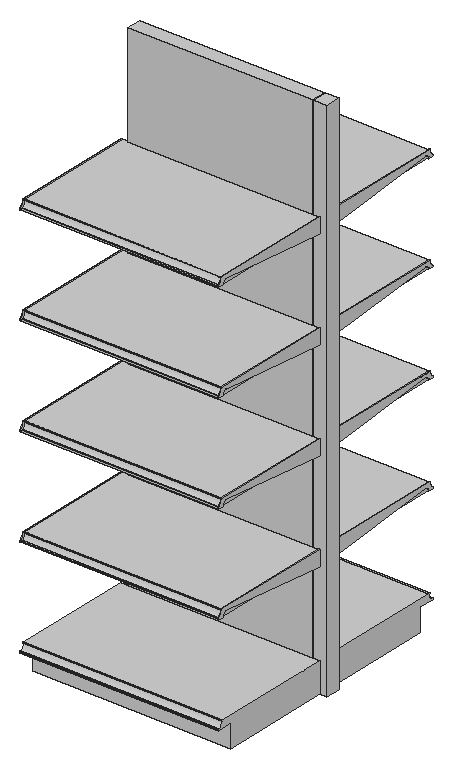
Revit family "ML2", category Specialty Equipment, Revit 2012
Parameters (values of type "Maxi Line Add-On (Default)")
  Width = 3' - 0"
  URL = "http://www.madixinc.com/display/maxiline/core.html"
  Model = "Maxi Line"
  Manufacturer = "© 2012 Madix, Inc. All rights reserved."
  "Front" Base Shelf [instance] = yes
  "Front" Shelf 2' [instance] = yes
  "Front" Shelf 3' - 6" [instance] = yes
  "Front" Shelf 5' [instance] = yes
  "Front" Shelf 6' - 6" [instance] = yes
  "Back" Base Shelf [instance] = yes
  "Back" Shelf 2' [instance] = yes
  "Back" Shelf 3' - 6" [instance] = yes
  "Front" Shelf Depth = 1' - 10"
  "Back" Shelf 5' [instance] = yes
  "Back" Shelf Depth = 1' - 10"
  Upright Height = 8' - 0"
  "Back" Shelf 6' - 6" [instance] = yes
Reference planes (in)
  plane 1 "Center (Front/Back)": y = 0
  plane 2: z = 0
  plane 3 "Center (Left/Right)": x = 0
  plane 4: y = 1.375
  plane 5: y = -1.375
  plane 6: z = 96
  plane 7: z = 0
  plane 8 "1st shelf": z = 23.5
  plane 9 "2nd shelf": z = 41.5
  plane 10 "3rd shelf": z = 59.5
  plane 11 "4th shelf": z = 77.5
  plane 12: y = -24.25
  plane 13: x = -18
  plane 14: x = 18
  plane 15: x = -17.875
  plane 16: x = 17.875
  plane 17: z = 41.5
  plane 18: y = 24.25
  plane 19: y = 23.375
  plane 20: y = -23.375
Forms (in)
  Extrusion 1, solid, material "Metal - Steel"
    sketch origin (-24, 1.375, 0) x (1, 0, 0) y (0, 0, 1)
      loop
        line (42, 0) -> (43.25, 0) -> (43.25, 96) -> (40.75, 96) -> (40.75, 0.03125) -> (40.71924, 0.03125) -> (40.71924, 96) -> (7.25, 96) -> (7.25, 0) -> (42, 0)
    from 0 to 2.75
  Extrusion 2, solid, material "Metal - Steel", visible <- ""Front" Base Shelf"
    sketch origin (0, 0, 0) x (0, 1, 0) y (0, 0, 1)
      loop
        line (-1.375, 0) -> (-1.375, 5.5) -> (-23.375, 5.5) -> (-23.50139, 5.5) -> (-23.50139, 5.375) -> (-23.375, 5.375)
        arc (-23.375, 5.375) -> (-23.63696, 4.73714) -> (-24.125, 4.25) r 1.75
        line (-24.125, 4.25) -> (-24.125, 4.375) -> (-24.25, 4.375) -> (-24.25, 4.25) -> (-24.25, 4.125) -> (-21.375, 4.125) -> (-21.375, 0) -> (-1.375, 0)
    from -18 to 18
  Extrusion 3, solid, material "Metal - Steel", visible <- ""Front" Shelf 2'"
    sketch origin (0, 0, 0) x (0, 1, 0) y (0, 0, 1)
      loop
        line (-1.375, 23.5) -> (-23.5, 23.5) -> (-23.625, 23.5)
        arc (-23.625, 23.5) -> (-23.83033, 22.87796) -> (-24.25, 22.375) r 1.75
        line (-24.25, 22.375) -> (-24.25, 22.125) -> (-23.375, 22.125) -> (-23.375, 22.375) -> (-22.625, 23) -> (-22.375, 23) -> (-22.375, 22.875) -> (-1.375, 20.75) -> (-1.375, 23.5)
      loop
        circle (-20.375, 23) r 0.125
      loop
        circle (-2.5, 23) r 0.125
    from -18 to -17.875
  Extrusion 4, solid, material "Metal - Steel", visible <- ""Front" Shelf 2'"
    sketch origin (0, 0, 0) x (0, 1, 0) y (0, 0, 1)
      loop
        line (-23.5, 23.5) -> (-23.5, 23.375) -> (-23.375, 23.375)
        arc (-23.375, 23.375) -> (-23.58033, 22.75296) -> (-24, 22.25) r 1.75
        line (-24, 22.25) -> (-24, 22.375) -> (-24.125, 22.375) -> (-24.125, 22.125) -> (-23.375, 22.125) -> (-1.375, 22.125) -> (-1.375, 23.5) -> (-23.5, 23.5)
    from -17.875 to 17.875
  Extrusion 5, solid, material "Metal - Steel", visible <- ""Front" Shelf 2'"
    sketch origin (0, 0, 0) x (0, 1, 0) y (0, 0, -1)
      loop
        line (-1.375, -23.5) -> (-1.375, -20.75) -> (-22.375, -22.875) -> (-22.375, -23) -> (-22.625, -23) -> (-23.375, -22.375) -> (-23.375, -22.125) -> (-24.25, -22.125) -> (-24.25, -22.375)
        arc (-24.25, -22.375) -> (-23.83033, -22.87796) -> (-23.625, -23.5) r 1.75
        line (-23.625, -23.5) -> (-23.5, -23.5) -> (-1.375, -23.5)
      loop
        circle (-20.375, -23) r 0.125
      loop
        circle (-2.5, -23) r 0.125
    from -18 to -17.875
  Extrusion 6, solid, material "Metal - Steel", visible <- ""Front" Shelf 3' - 6""
    sketch origin (0, 0, 18) x (0, 1, 0) y (0, 0, 1)
      loop
        line (-1.375, 23.5) -> (-23.5, 23.5) -> (-23.625, 23.5)
        arc (-23.625, 23.5) -> (-23.83033, 22.87796) -> (-24.25, 22.375) r 1.75
        line (-24.25, 22.375) -> (-24.25, 22.125) -> (-23.375, 22.125) -> (-23.375, 22.375) -> (-22.625, 23) -> (-22.375, 23) -> (-22.375, 22.875) -> (-1.375, 20.75) -> (-1.375, 23.5)
      loop
        circle (-20.375, 23) r 0.125
      loop
        circle (-2.5, 23) r 0.125
    from -18 to -17.875
  Extrusion 7, solid, material "Metal - Steel", visible <- ""Front" Shelf 3' - 6""
    sketch origin (0, 0, 18) x (0, 1, 0) y (0, 0, 1)
      loop
        line (-23.5, 23.5) -> (-23.5, 23.375) -> (-23.375, 23.375)
        arc (-23.375, 23.375) -> (-23.58033, 22.75296) -> (-24, 22.25) r 1.75
        line (-24, 22.25) -> (-24, 22.375) -> (-24.25, 22.375) -> (-24.25, 22.125) -> (-23.375, 22.125) -> (-1.375, 22.125) -> (-1.375, 23.5) -> (-23.5, 23.5)
    from -17.875 to 17.875
  Extrusion 8, solid, material "Metal - Steel", visible <- ""Front" Shelf 3' - 6""
    sketch origin (0, 0, 18) x (0, 1, 0) y (0, 0, -1)
      loop
        line (-1.375, -23.5) -> (-1.375, -20.75) -> (-22.375, -22.875) -> (-22.375, -23) -> (-22.625, -23) -> (-23.375, -22.375) -> (-23.375, -22.125) -> (-24.25, -22.125) -> (-24.25, -22.375)
        arc (-24.25, -22.375) -> (-23.83033, -22.87796) -> (-23.625, -23.5) r 1.75
        line (-23.625, -23.5) -> (-23.5, -23.5) -> (-1.375, -23.5)
      loop
        circle (-20.375, -23) r 0.125
      loop
        circle (-2.5, -23) r 0.125
    from -18 to -17.875
  Extrusion 9, solid, material "Metal - Steel", visible <- ""Front" Shelf 5'"
    sketch origin (0, 0, 36) x (0, 1, 0) y (0, 0, 1)
      loop
        line (-1.375, 23.5) -> (-23.5, 23.5) -> (-23.625, 23.5)
        arc (-23.625, 23.5) -> (-23.83033, 22.87796) -> (-24.25, 22.375) r 1.75
        line (-24.25, 22.375) -> (-24.25, 22.125) -> (-23.375, 22.125) -> (-23.375, 22.375) -> (-22.625, 23) -> (-22.375, 23) -> (-22.375, 22.875) -> (-1.375, 20.75) -> (-1.375, 23.5)
      loop
        circle (-20.375, 23) r 0.125
      loop
        circle (-2.5, 23) r 0.125
    from -18 to -17.875
  Extrusion 10, solid, material "Metal - Steel", visible <- ""Front" Shelf 5'"
    sketch origin (0, 0, 36) x (0, 1, 0) y (0, 0, 1)
      loop
        line (-23.5, 23.5) -> (-23.5, 23.375) -> (-23.375, 23.375)
        arc (-23.375, 23.375) -> (-23.58033, 22.75296) -> (-24, 22.25) r 1.75
        line (-24, 22.25) -> (-24, 22.375) -> (-24.25, 22.375) -> (-24.25, 22.125) -> (-23.375, 22.125) -> (-1.375, 22.125) -> (-1.375, 23.5) -> (-23.5, 23.5)
    from -17.875 to 17.875
  Extrusion 11, solid, material "Metal - Steel", visible <- ""Front" Shelf 5'"
    sketch origin (0, 0, 36) x (0, 1, 0) y (0, 0, -1)
      loop
        line (-1.375, -23.5) -> (-1.375, -20.75) -> (-22.375, -22.875) -> (-22.375, -23) -> (-22.625, -23) -> (-23.375, -22.375) -> (-23.375, -22.125) -> (-24.25, -22.125) -> (-24.25, -22.375)
        arc (-24.25, -22.375) -> (-23.83033, -22.87796) -> (-23.625, -23.5) r 1.75
        line (-23.625, -23.5) -> (-23.5, -23.5) -> (-1.375, -23.5)
      loop
        circle (-20.375, -23) r 0.125
      loop
        circle (-2.5, -23) r 0.125
    from -18 to -17.875
  Extrusion 12, solid, material "Metal - Steel", visible <- ""Front" Shelf 6' - 6""
    sketch origin (0, 0, 54) x (0, 1, 0) y (0, 0, 1)
      loop
        line (-1.375, 23.5) -> (-23.5, 23.5) -> (-23.625, 23.5)
        arc (-23.625, 23.5) -> (-23.83033, 22.87796) -> (-24.25, 22.375) r 1.75
        line (-24.25, 22.375) -> (-24.25, 22.125) -> (-23.375, 22.125) -> (-23.375, 22.375) -> (-22.625, 23) -> (-22.375, 23) -> (-22.375, 22.875) -> (-1.375, 20.75) -> (-1.375, 23.5)
      loop
        circle (-20.375, 23) r 0.125
      loop
        circle (-2.5, 23) r 0.125
    from -18 to -17.875
  Extrusion 13, solid, material "Metal - Steel", visible <- ""Front" Shelf 6' - 6""
    sketch origin (0, 0, 54) x (0, 1, 0) y (0, 0, 1)
      loop
        line (-23.5, 23.5) -> (-23.5, 23.375) -> (-23.375, 23.375)
        arc (-23.375, 23.375) -> (-23.58033, 22.75296) -> (-24, 22.25) r 1.75
        line (-24, 22.25) -> (-24, 22.375) -> (-24.25, 22.375) -> (-24.25, 22.125) -> (-23.375, 22.125) -> (-1.375, 22.125) -> (-1.375, 23.5) -> (-23.5, 23.5)
    from -17.875 to 17.875
  Extrusion 14, solid, material "Metal - Steel", visible <- ""Front" Shelf 6' - 6""
    sketch origin (0, 0, 54) x (0, 1, 0) y (0, 0, -1)
      loop
        line (-1.375, -23.5) -> (-1.375, -20.75) -> (-22.375, -22.875) -> (-22.375, -23) -> (-22.625, -23) -> (-23.375, -22.375) -> (-23.375, -22.125) -> (-24.25, -22.125) -> (-24.25, -22.375)
        arc (-24.25, -22.375) -> (-23.83033, -22.87796) -> (-23.625, -23.5) r 1.75
        line (-23.625, -23.5) -> (-23.5, -23.5) -> (-1.375, -23.5)
      loop
        circle (-20.375, -23) r 0.125
      loop
        circle (-2.5, -23) r 0.125
    from -18 to -17.875
  Extrusion 15, solid, material "Metal - Steel", visible <- ""Back" Base Shelf"
    sketch origin (0, 0, 0) x (0, -1, 0) y (0, 0, -1)
      loop
        line (-1.375, 0) -> (-21.375, 0) -> (-21.375, -4.125) -> (-24.25, -4.125) -> (-24.25, -4.25) -> (-24.25, -4.375) -> (-24.125, -4.375) -> (-24.125, -4.25)
        arc (-24.125, -4.25) -> (-23.63696, -4.73714) -> (-23.375, -5.375) r 1.75
        line (-23.375, -5.375) -> (-23.50139, -5.375) -> (-23.50139, -5.5) -> (-23.375, -5.5) -> (-1.375, -5.5) -> (-1.375, 0)
    from -18 to 18
  Extrusion 16, solid, material "Metal - Steel", visible <- ""Back" Shelf 2'"
    sketch origin (0, 0, 0) x (0, -1, 0) y (0, 0, -1)
      loop
        line (-1.375, -23.5) -> (-1.375, -20.75) -> (-22.375, -22.875) -> (-22.375, -23) -> (-22.625, -23) -> (-23.375, -22.375) -> (-23.375, -22.125) -> (-24.25, -22.125) -> (-24.25, -22.375)
        arc (-24.25, -22.375) -> (-23.83033, -22.87796) -> (-23.625, -23.5) r 1.75
        line (-23.625, -23.5) -> (-23.5, -23.5) -> (-1.375, -23.5)
      loop
        circle (-20.375, -23) r 0.125
      loop
        circle (-2.5, -23) r 0.125
    from -18 to -17.875
  Extrusion 17, solid, material "Metal - Steel", visible <- ""Back" Shelf 2'"
    sketch origin (0, 0, 0) x (0, -1, 0) y (0, 0, -1)
      loop
        line (-23.5, -23.5) -> (-1.375, -23.5) -> (-1.375, -22.125) -> (-23.375, -22.125) -> (-24.125, -22.125) -> (-24.125, -22.375) -> (-24, -22.375) -> (-24, -22.25)
        arc (-24, -22.25) -> (-23.58033, -22.75296) -> (-23.375, -23.375) r 1.75
        line (-23.375, -23.375) -> (-23.5, -23.375) -> (-23.5, -23.5)
    from -17.875 to 17.875
  Extrusion 18, solid, material "Metal - Steel", visible <- ""Back" Shelf 2'"
    sketch origin (0, 0, 0) x (0, -1, 0) y (0, 0, 1)
      loop
        line (-1.375, 23.5) -> (-23.5, 23.5) -> (-23.625, 23.5)
        arc (-23.625, 23.5) -> (-23.83033, 22.87796) -> (-24.25, 22.375) r 1.75
        line (-24.25, 22.375) -> (-24.25, 22.125) -> (-23.375, 22.125) -> (-23.375, 22.375) -> (-22.625, 23) -> (-22.375, 23) -> (-22.375, 22.875) -> (-1.375, 20.75) -> (-1.375, 23.5)
      loop
        circle (-20.375, 23) r 0.125
      loop
        circle (-2.5, 23) r 0.125
    from -18 to -17.875
  Extrusion 19, solid, material "Metal - Steel", visible <- ""Back" Shelf 3' - 6""
    sketch origin (0, 0, 18) x (0, -1, 0) y (0, 0, -1)
      loop
        line (-1.375, -23.5) -> (-1.375, -20.75) -> (-22.375, -22.875) -> (-22.375, -23) -> (-22.625, -23) -> (-23.375, -22.375) -> (-23.375, -22.125) -> (-24.25, -22.125) -> (-24.25, -22.375)
        arc (-24.25, -22.375) -> (-23.83033, -22.87796) -> (-23.625, -23.5) r 1.75
        line (-23.625, -23.5) -> (-23.5, -23.5) -> (-1.375, -23.5)
      loop
        circle (-20.375, -23) r 0.125
      loop
        circle (-2.5, -23) r 0.125
    from -18 to -17.875
  Extrusion 20, solid, material "Metal - Steel", visible <- ""Back" Shelf 3' - 6""
    sketch origin (0, 0, 18) x (0, -1, 0) y (0, 0, -1)
      loop
        line (-23.5, -23.5) -> (-1.375, -23.5) -> (-1.375, -22.125) -> (-23.375, -22.125) -> (-24.25, -22.125) -> (-24.25, -22.375) -> (-24, -22.375) -> (-24, -22.25)
        arc (-24, -22.25) -> (-23.58033, -22.75296) -> (-23.375, -23.375) r 1.75
        line (-23.375, -23.375) -> (-23.5, -23.375) -> (-23.5, -23.5)
    from -17.875 to 17.875
  Extrusion 21, solid, material "Metal - Steel", visible <- ""Back" Shelf 3' - 6""
    sketch origin (0, 0, 18) x (0, -1, 0) y (0, 0, 1)
      loop
        line (-1.375, 23.5) -> (-23.5, 23.5) -> (-23.625, 23.5)
        arc (-23.625, 23.5) -> (-23.83033, 22.87796) -> (-24.25, 22.375) r 1.75
        line (-24.25, 22.375) -> (-24.25, 22.125) -> (-23.375, 22.125) -> (-23.375, 22.375) -> (-22.625, 23) -> (-22.375, 23) -> (-22.375, 22.875) -> (-1.375, 20.75) -> (-1.375, 23.5)
      loop
        circle (-20.375, 23) r 0.125
      loop
        circle (-2.5, 23) r 0.125
    from -18 to -17.875
  Extrusion 22, solid, material "Metal - Steel", visible <- ""Back" Shelf 5'"
    sketch origin (0, 0, 36) x (0, -1, 0) y (0, 0, -1)
      loop
        line (-1.375, -23.5) -> (-1.375, -20.75) -> (-22.375, -22.875) -> (-22.375, -23) -> (-22.625, -23) -> (-23.375, -22.375) -> (-23.375, -22.125) -> (-24.25, -22.125) -> (-24.25, -22.375)
        arc (-24.25, -22.375) -> (-23.83033, -22.87796) -> (-23.625, -23.5) r 1.75
        line (-23.625, -23.5) -> (-23.5, -23.5) -> (-1.375, -23.5)
      loop
        circle (-20.375, -23) r 0.125
      loop
        circle (-2.5, -23) r 0.125
    from -18 to -17.875
  Extrusion 23, solid, material "Metal - Steel", visible <- ""Back" Shelf 5'"
    sketch origin (0, 0, 36) x (0, -1, 0) y (0, 0, -1)
      loop
        line (-23.5, -23.5) -> (-1.375, -23.5) -> (-1.375, -22.125) -> (-23.375, -22.125) -> (-24.25, -22.125) -> (-24.25, -22.375) -> (-24, -22.375) -> (-24, -22.25)
        arc (-24, -22.25) -> (-23.58033, -22.75296) -> (-23.375, -23.375) r 1.75
        line (-23.375, -23.375) -> (-23.5, -23.375) -> (-23.5, -23.5)
    from -17.875 to 17.875
  Extrusion 24, solid, material "Metal - Steel", visible <- ""Back" Shelf 5'"
    sketch origin (0, 0, 36) x (0, -1, 0) y (0, 0, 1)
      loop
        line (-1.375, 23.5) -> (-23.5, 23.5) -> (-23.625, 23.5)
        arc (-23.625, 23.5) -> (-23.83033, 22.87796) -> (-24.25, 22.375) r 1.75
        line (-24.25, 22.375) -> (-24.25, 22.125) -> (-23.375, 22.125) -> (-23.375, 22.375) -> (-22.625, 23) -> (-22.375, 23) -> (-22.375, 22.875) -> (-1.375, 20.75) -> (-1.375, 23.5)
      loop
        circle (-20.375, 23) r 0.125
      loop
        circle (-2.5, 23) r 0.125
    from -18 to -17.875
  Extrusion 25, solid, material "Metal - Steel", visible <- ""Back" Shelf 6' - 6""
    sketch origin (0, 0, 54) x (0, -1, 0) y (0, 0, -1)
      loop
        line (-1.375, -23.5) -> (-1.375, -20.75) -> (-22.375, -22.875) -> (-22.375, -23) -> (-22.625, -23) -> (-23.375, -22.375) -> (-23.375, -22.125) -> (-24.25, -22.125) -> (-24.25, -22.375)
        arc (-24.25, -22.375) -> (-23.83033, -22.87796) -> (-23.625, -23.5) r 1.75
        line (-23.625, -23.5) -> (-23.5, -23.5) -> (-1.375, -23.5)
      loop
        circle (-20.375, -23) r 0.125
      loop
        circle (-2.5, -23) r 0.125
    from -18 to -17.875
  Extrusion 26, solid, material "Metal - Steel", visible <- ""Back" Shelf 6' - 6""
    sketch origin (0, 0, 54) x (0, -1, 0) y (0, 0, -1)
      loop
        line (-23.5, -23.5) -> (-1.375, -23.5) -> (-1.375, -22.125) -> (-23.375, -22.125) -> (-24.25, -22.125) -> (-24.25, -22.375) -> (-24, -22.375) -> (-24, -22.25)
        arc (-24, -22.25) -> (-23.58033, -22.75296) -> (-23.375, -23.375) r 1.75
        line (-23.375, -23.375) -> (-23.5, -23.375) -> (-23.5, -23.5)
    from -17.875 to 17.875
  Extrusion 27, solid, material "Metal - Steel", visible <- ""Back" Shelf 6' - 6""
    sketch origin (0, 0, 54) x (0, -1, 0) y (0, 0, 1)
      loop
        line (-1.375, 23.5) -> (-23.5, 23.5) -> (-23.625, 23.5)
        arc (-23.625, 23.5) -> (-23.83033, 22.87796) -> (-24.25, 22.375) r 1.75
        line (-24.25, 22.375) -> (-24.25, 22.125) -> (-23.375, 22.125) -> (-23.375, 22.375) -> (-22.625, 23) -> (-22.375, 23) -> (-22.375, 22.875) -> (-1.375, 20.75) -> (-1.375, 23.5)
      loop
        circle (-20.375, 23) r 0.125
      loop
        circle (-2.5, 23) r 0.125
    from -18 to -17.875
Lines and regions (in)
  Split face 1
    outline origin (-24, -1.375, 0) x (1, 0, 0) y (0, 0, 1)
      loop
        line (40.71924, 96) -> (40.71924, 0.03125) -> (7.25, 0.03125) -> (7.25, 96)
  Split face 2
    outline origin (-24, 1.375, 0) x (1, 0, 0) y (0, 0, 1)
      loop
        line (40.71924, 96) -> (40.71924, 0.03125) -> (7.25, 0.03125) -> (7.25, 96)
  reference lines
    curve 1: line (-16.75, 0, 23.5) -> (16.71875, 0, 23.5)
    curve 2: line (-16.75, 0, 59.5) -> (16.71875, 0, 59.5)
    curve 3: line (16.71875, 0, 77.5) -> (-16.71875, 0, 77.5)
Dimensions and locks (in)
  "Upright Height": plane 6 to level
  ""Front" Shelf Depth": plane 20 to plane 5
  equal spacing: plane 13, plane 3 "Center (Left/Right)", plane 14
  "Width": plane 13 to plane 14
  locked: plane 13 to plane 15 at 0.125
  locked: plane 16 to plane 14 at 0.125
  ""Back" Shelf Depth": plane 4 to plane 19
  locked: plane 19 to plane 18 at 0.875
  locked: plane 20 to plane 12 at 0.875
  aligned and locked: level to plane 2
  aligned and locked: plane 12 to Extrusion 2
  aligned and locked: Extrusion 2 to plane 5
  aligned and locked: plane 13 to Extrusion 2
  aligned and locked: plane 14 to Extrusion 2
  aligned and locked: Extrusion 4 to Extrusion 5
  aligned and locked: Extrusion 3 to Extrusion 2
  aligned and locked: Extrusion 3 to plane 15
  aligned and locked: Extrusion 4 to Extrusion 3
  aligned and locked: Extrusion 5 to Extrusion 2
  aligned and locked: plane 16 to Extrusion 5
  aligned and locked: Extrusion 7 to Extrusion 8
  aligned and locked: Extrusion 7 to Extrusion 6
  aligned and locked: Extrusion 6 to Extrusion 3
  aligned and locked: Extrusion 8 to Extrusion 4
  aligned and locked: Extrusion 8 to Extrusion 2
  aligned and locked: Extrusion 2 to Extrusion 7
  aligned and locked: Extrusion 6 to plane 15
  aligned and locked: Extrusion 6 to Extrusion 2
  aligned and locked: Extrusion 10 to Extrusion 11
  aligned and locked: Extrusion 10 to Extrusion 9
  aligned and locked: Extrusion 9 to Extrusion 3
  aligned and locked: Extrusion 2 to Extrusion 10
  aligned and locked: Extrusion 11 to Extrusion 2
  aligned and locked: Extrusion 11 to Extrusion 4
  aligned and locked: Extrusion 9 to Extrusion 2
  aligned and locked: Extrusion 13 to Extrusion 14
  aligned and locked: Extrusion 13 to Extrusion 12
  aligned and locked: Extrusion 12 to Extrusion 2
  aligned and locked: Extrusion 12 to Extrusion 3
  aligned and locked: Extrusion 2 to Extrusion 13
  aligned and locked: Extrusion 14 to Extrusion 2
  aligned and locked: Extrusion 14 to Extrusion 4
  aligned and locked: Extrusion 15 to Extrusion 2
  aligned and locked: Extrusion 2 to Extrusion 15
  aligned and locked: plane 13 to Extrusion 15
  aligned and locked: Extrusion 18 to Extrusion 17
  aligned and locked: Extrusion 16 to Extrusion 17
  aligned and locked: Extrusion 15 to plane 18
  aligned and locked: plane 15 to Extrusion 16
  aligned and locked: Extrusion 18 to Extrusion 4
  aligned and locked: Extrusion 16 to Extrusion 2
  aligned and locked: Extrusion 21 to Extrusion 20
  aligned and locked: Extrusion 19 to Extrusion 20
  aligned and locked: Extrusion 15 to Extrusion 20
  aligned and locked: plane 15 to Extrusion 19
  aligned and locked: plane 13 to Extrusion 19
  aligned and locked: Extrusion 21 to plane 14
  aligned and locked: Extrusion 21 to plane 16
  aligned and locked: Extrusion 24 to Extrusion 23
  aligned and locked: Extrusion 22 to Extrusion 23
  aligned and locked: Extrusion 15 to Extrusion 23
  aligned and locked: Extrusion 24 to plane 16
  aligned and locked: Extrusion 24 to plane 14
  aligned and locked: plane 15 to Extrusion 22
  aligned and locked: plane 13 to Extrusion 22
  aligned and locked: Extrusion 27 to Extrusion 26
  aligned and locked: Extrusion 25 to Extrusion 26
  aligned and locked: Extrusion 15 to Extrusion 26
  aligned and locked: plane 13 to Extrusion 25
  aligned and locked: plane 15 to Extrusion 25
  aligned and locked: Extrusion 27 to plane 14
  aligned and locked: Extrusion 27 to plane 16
  aligned and locked: plane 19 to Extrusion 15
  aligned and locked: plane 20 to Extrusion 2
Automatic sketch dimensions
  curve 2 to plane 10 "3rd shelf" = 0' - 0"
  curve 1 to plane 8 "1st shelf" = 0' - 0"
  curve 3 to plane 11 "4th shelf" = 0' - 0"
  plane 15 to curve 2 = 0' - 1 1/8"
  plane 15 to curve 1 = 0' - 1 1/8"
  plane 15 to curve 3 = 0' - 1 5/32"
  plane 16 to curve 3 = 0' - 1 5/32"
  plane 16 to curve 2 = 0' - 1 5/32"
  plane 16 to curve 1 = 0' - 1 5/32"
  Extrusion 2 sketch curve to plane 12 = 0' - 0"
  Extrusion 2 sketch curve to level = 0' - 0"
  Extrusion 2 sketch curve to plane 5 = 0' - 0"
  Extrusion 2 sketch curve to plane 12 = 0' - 0.84305"
  plane 12 to Extrusion 2 sketch curve = 0' - 0 1/8"
  plane 12 to Extrusion 2 sketch curve = 0' - 0.74861"
  Extrusion 2 sketch curve to Extrusion 2 sketch curve = 0' - 0.12639"
  Extrusion 2 sketch curve to Extrusion 2 sketch curve = 0' - 0"
  plane 12 to Extrusion 2 sketch curve = 0' - 2 7/8"
  level to Extrusion 2 sketch curve = 0' - 4 1/8"
  Extrusion 2 sketch curve to Extrusion 2 sketch curve = 0' - 0 1/8"  (x4)
  Extrusion 2 sketch curve to Extrusion 2 sketch curve = 0' - 1"
  Extrusion 3 sketch curve to plane 12 = 0' - 0"
  Extrusion 3 sketch curve to plane 8 "1st shelf" = 0' - 0"
  Extrusion 3 sketch curve to plane 5 = 0' - 0"
  plane 8 "1st shelf" to Extrusion 3 sketch curve = 0' - 0.22784"
  Extrusion 3 sketch curve to plane 12 = 0' - 1.11011"
  plane 12 to Extrusion 3 sketch curve = 0' - 0 5/8"
  Extrusion 3 sketch curve to Extrusion 3 sketch curve = 0' - 0 1/8"  (x2)
  plane 12 to Extrusion 3 sketch curve = 0' - 0 7/8"
  Extrusion 3 sketch curve to Extrusion 3 sketch curve = 0' - 0 3/4"
  Extrusion 3 sketch curve to Extrusion 3 sketch curve = 0' - 0 1/4"  (x2)
  Extrusion 3 sketch curve to plane 8 "1st shelf" = 0' - 0 1/2"  (x2)
  Extrusion 3 sketch curve to Extrusion 3 sketch curve = 0' - 2"
  plane 5 to Extrusion 3 sketch curve = 0' - 1 1/8"
  Extrusion 3 sketch curve to Extrusion 3 sketch curve = 0' - 0"
  Extrusion 3 sketch curve to Extrusion 3 sketch curve = 0' - 2 1/4"
  Extrusion 3 sketch curve to plane 8 "1st shelf" = 0' - 0 5/8"
  Extrusion 4 sketch curve to plane 8 "1st shelf" = 0' - 0"
  Extrusion 4 sketch curve to plane 5 = 0' - 0"
  plane 12 to Extrusion 4 sketch curve = 0' - 0 7/8"  (x2)
  Extrusion 4 sketch curve to plane 8 "1st shelf" = 0' - 0 1/8"
  Extrusion 4 sketch curve to Extrusion 4 sketch curve = 0' - 0 1/8"  (x3)
  plane 12 to Extrusion 4 sketch curve = 0' - 0 1/4"
  plane 12 to Extrusion 4 sketch curve = 0' - 0 1/8"
  plane 8 "1st shelf" to Extrusion 4 sketch curve = 0' - 0.10284"
  Extrusion 4 sketch curve to plane 12 = 0' - 0.86011"
  Extrusion 5 sketch curve to plane 12 = 0' - 0"
  Extrusion 5 sketch curve to plane 8 "1st shelf" = 0' - 0"
  Extrusion 5 sketch curve to plane 5 = 0' - 0"
  plane 8 "1st shelf" to Extrusion 5 sketch curve = 0' - 0.22784"
  Extrusion 5 sketch curve to plane 12 = 0' - 1.11011"
  plane 12 to Extrusion 5 sketch curve = 0' - 0 5/8"
  Extrusion 5 sketch curve to Extrusion 5 sketch curve = 0' - 0 1/8"  (x2)
  plane 12 to Extrusion 5 sketch curve = 0' - 0 7/8"
  Extrusion 5 sketch curve to Extrusion 5 sketch curve = 0' - 0 3/4"
  Extrusion 5 sketch curve to Extrusion 5 sketch curve = 0' - 0 1/4"  (x2)
  Extrusion 5 sketch curve to plane 8 "1st shelf" = 0' - 0 1/2"  (x3)
  Extrusion 5 sketch curve to Extrusion 5 sketch curve = 0' - 2"
  plane 5 to Extrusion 5 sketch curve = 0' - 1 1/8"
  Extrusion 5 sketch curve to Extrusion 5 sketch curve = 0' - 0"
  Extrusion 5 sketch curve to Extrusion 5 sketch curve = 0' - 2 1/4"
  Extrusion 6 sketch curve to plane 12 = 0' - 0"
  Extrusion 6 sketch curve to plane 9 "2nd shelf" = 0' - 0"
  Extrusion 6 sketch curve to plane 5 = 0' - 0"
  plane 9 "2nd shelf" to Extrusion 6 sketch curve = 0' - 0.22784"
  Extrusion 6 sketch curve to plane 12 = 0' - 1.11011"
  plane 12 to Extrusion 6 sketch curve = 0' - 0 5/8"
  Extrusion 6 sketch curve to Extrusion 6 sketch curve = 0' - 0 1/8"  (x2)
  plane 12 to Extrusion 6 sketch curve = 0' - 0 7/8"
  Extrusion 6 sketch curve to Extrusion 6 sketch curve = 0' - 0 3/4"
  Extrusion 6 sketch curve to Extrusion 6 sketch curve = 0' - 0 1/4"  (x2)
  Extrusion 6 sketch curve to plane 9 "2nd shelf" = 0' - 0 1/2"  (x2)
  Extrusion 6 sketch curve to Extrusion 6 sketch curve = 0' - 2"
  plane 5 to Extrusion 6 sketch curve = 0' - 1 1/8"
  Extrusion 6 sketch curve to Extrusion 6 sketch curve = 0' - 0"
  Extrusion 6 sketch curve to Extrusion 6 sketch curve = 0' - 2 1/4"
  Extrusion 6 sketch curve to plane 9 "2nd shelf" = 0' - 0 5/8"
  Extrusion 7 sketch curve to plane 12 = 0' - 0"
  Extrusion 7 sketch curve to plane 9 "2nd shelf" = 0' - 0"
  Extrusion 7 sketch curve to plane 5 = 0' - 0"
  plane 9 "2nd shelf" to Extrusion 7 sketch curve = 0' - 0.10284"
  Extrusion 7 sketch curve to plane 12 = 0' - 0.86011"
  plane 12 to Extrusion 7 sketch curve = 0' - 0 1/4"
  plane 12 to Extrusion 7 sketch curve = 0' - 0 3/4"
  Extrusion 7 sketch curve to Extrusion 7 sketch curve = 0' - 0 5/8"
  Extrusion 7 sketch curve to Extrusion 7 sketch curve = 0' - 0 1/8"  (x2)
  Extrusion 7 sketch curve to plane 9 "2nd shelf" = 0' - 0 1/8"
  Extrusion 7 sketch curve to Extrusion 7 sketch curve = 0' - 0 1/4"
  Extrusion 8 sketch curve to plane 12 = 0' - 0"
  Extrusion 8 sketch curve to plane 9 "2nd shelf" = 0' - 0"
  Extrusion 8 sketch curve to plane 5 = 0' - 0"
  plane 9 "2nd shelf" to Extrusion 8 sketch curve = 0' - 0.22784"
  Extrusion 8 sketch curve to plane 12 = 0' - 1.11011"
  plane 12 to Extrusion 8 sketch curve = 0' - 0 5/8"
  Extrusion 8 sketch curve to Extrusion 8 sketch curve = 0' - 0 1/8"  (x2)
  plane 12 to Extrusion 8 sketch curve = 0' - 0 7/8"
  Extrusion 8 sketch curve to Extrusion 8 sketch curve = 0' - 0 3/4"
  Extrusion 8 sketch curve to Extrusion 8 sketch curve = 0' - 0 1/4"  (x2)
  Extrusion 8 sketch curve to plane 9 "2nd shelf" = 0' - 0 1/2"  (x3)
  Extrusion 8 sketch curve to Extrusion 8 sketch curve = 0' - 2"
  plane 5 to Extrusion 8 sketch curve = 0' - 1 1/8"
  Extrusion 8 sketch curve to Extrusion 8 sketch curve = 0' - 0"
  Extrusion 8 sketch curve to Extrusion 8 sketch curve = 0' - 2 1/4"
  Extrusion 9 sketch curve to plane 12 = 0' - 0"
  Extrusion 9 sketch curve to plane 10 "3rd shelf" = 0' - 0"
  Extrusion 9 sketch curve to plane 5 = 0' - 0"
  plane 10 "3rd shelf" to Extrusion 9 sketch curve = 0' - 0.22784"
  Extrusion 9 sketch curve to plane 12 = 0' - 1.11011"
  plane 12 to Extrusion 9 sketch curve = 0' - 0 5/8"
  Extrusion 9 sketch curve to Extrusion 9 sketch curve = 0' - 0 1/8"  (x2)
  plane 12 to Extrusion 9 sketch curve = 0' - 0 7/8"
  Extrusion 9 sketch curve to Extrusion 9 sketch curve = 0' - 0 3/4"
  Extrusion 9 sketch curve to Extrusion 9 sketch curve = 0' - 0 1/4"  (x2)
  Extrusion 9 sketch curve to plane 10 "3rd shelf" = 0' - 0 1/2"  (x2)
  Extrusion 9 sketch curve to Extrusion 9 sketch curve = 0' - 2"
  plane 5 to Extrusion 9 sketch curve = 0' - 1 1/8"
  Extrusion 9 sketch curve to Extrusion 9 sketch curve = 0' - 0"
  Extrusion 9 sketch curve to Extrusion 9 sketch curve = 0' - 2 1/4"
  Extrusion 9 sketch curve to plane 10 "3rd shelf" = 0' - 0 5/8"
  Extrusion 10 sketch curve to plane 12 = 0' - 0"
  Extrusion 10 sketch curve to plane 10 "3rd shelf" = 0' - 0"
  Extrusion 10 sketch curve to plane 5 = 0' - 0"
  plane 10 "3rd shelf" to Extrusion 10 sketch curve = 0' - 0.10284"
  Extrusion 10 sketch curve to plane 12 = 0' - 0.86011"
  plane 12 to Extrusion 10 sketch curve = 0' - 0 1/4"
  plane 12 to Extrusion 10 sketch curve = 0' - 0 3/4"
  Extrusion 10 sketch curve to Extrusion 10 sketch curve = 0' - 0 5/8"
  Extrusion 10 sketch curve to Extrusion 10 sketch curve = 0' - 0 1/8"  (x2)
  Extrusion 10 sketch curve to plane 10 "3rd shelf" = 0' - 0 1/8"
  Extrusion 10 sketch curve to Extrusion 10 sketch curve = 0' - 0 1/4"
  Extrusion 11 sketch curve to plane 12 = 0' - 0"
  Extrusion 11 sketch curve to plane 10 "3rd shelf" = 0' - 0"
  Extrusion 11 sketch curve to plane 5 = 0' - 0"
  plane 10 "3rd shelf" to Extrusion 11 sketch curve = 0' - 0.22784"
  Extrusion 11 sketch curve to plane 12 = 0' - 1.11011"
  plane 12 to Extrusion 11 sketch curve = 0' - 0 5/8"
  Extrusion 11 sketch curve to Extrusion 11 sketch curve = 0' - 0 1/8"  (x2)
  plane 12 to Extrusion 11 sketch curve = 0' - 0 7/8"
  Extrusion 11 sketch curve to Extrusion 11 sketch curve = 0' - 0 3/4"
  Extrusion 11 sketch curve to Extrusion 11 sketch curve = 0' - 0 1/4"  (x2)
  Extrusion 11 sketch curve to plane 10 "3rd shelf" = 0' - 0 1/2"  (x3)
  Extrusion 11 sketch curve to Extrusion 11 sketch curve = 0' - 2"
  plane 5 to Extrusion 11 sketch curve = 0' - 1 1/8"
  Extrusion 11 sketch curve to Extrusion 11 sketch curve = 0' - 0"
  Extrusion 11 sketch curve to Extrusion 11 sketch curve = 0' - 2 1/4"
  Extrusion 12 sketch curve to plane 12 = 0' - 0"
  Extrusion 12 sketch curve to plane 11 "4th shelf" = 0' - 0"
  Extrusion 12 sketch curve to plane 5 = 0' - 0"
  plane 11 "4th shelf" to Extrusion 12 sketch curve = 0' - 0.22784"
  Extrusion 12 sketch curve to plane 12 = 0' - 1.11011"
  plane 12 to Extrusion 12 sketch curve = 0' - 0 5/8"
  Extrusion 12 sketch curve to Extrusion 12 sketch curve = 0' - 0 1/8"  (x2)
  plane 12 to Extrusion 12 sketch curve = 0' - 0 7/8"
  Extrusion 12 sketch curve to Extrusion 12 sketch curve = 0' - 0 3/4"
  Extrusion 12 sketch curve to Extrusion 12 sketch curve = 0' - 0 1/4"  (x2)
  Extrusion 12 sketch curve to plane 11 "4th shelf" = 0' - 0 1/2"  (x2)
  Extrusion 12 sketch curve to Extrusion 12 sketch curve = 0' - 2"
  plane 5 to Extrusion 12 sketch curve = 0' - 1 1/8"
  Extrusion 12 sketch curve to Extrusion 12 sketch curve = 0' - 0"
  Extrusion 12 sketch curve to Extrusion 12 sketch curve = 0' - 2 1/4"
  Extrusion 12 sketch curve to plane 11 "4th shelf" = 0' - 0 5/8"
  Extrusion 13 sketch curve to plane 12 = 0' - 0"
  Extrusion 13 sketch curve to plane 11 "4th shelf" = 0' - 0"
  Extrusion 13 sketch curve to plane 5 = 0' - 0"
  plane 11 "4th shelf" to Extrusion 13 sketch curve = 0' - 0.10284"
  Extrusion 13 sketch curve to plane 12 = 0' - 0.86011"
  plane 12 to Extrusion 13 sketch curve = 0' - 0 1/4"
  plane 12 to Extrusion 13 sketch curve = 0' - 0 3/4"
  Extrusion 13 sketch curve to Extrusion 13 sketch curve = 0' - 0 5/8"
  Extrusion 13 sketch curve to Extrusion 13 sketch curve = 0' - 0 1/8"  (x2)
  Extrusion 13 sketch curve to plane 11 "4th shelf" = 0' - 0 1/8"
  Extrusion 13 sketch curve to Extrusion 13 sketch curve = 0' - 0 1/4"
  Extrusion 14 sketch curve to plane 12 = 0' - 0"
  Extrusion 14 sketch curve to plane 11 "4th shelf" = 0' - 0"
  Extrusion 14 sketch curve to plane 5 = 0' - 0"
  plane 11 "4th shelf" to Extrusion 14 sketch curve = 0' - 0.22784"
  Extrusion 14 sketch curve to plane 12 = 0' - 1.11011"
  plane 12 to Extrusion 14 sketch curve = 0' - 0 5/8"
  Extrusion 14 sketch curve to Extrusion 14 sketch curve = 0' - 0 1/8"  (x2)
  plane 12 to Extrusion 14 sketch curve = 0' - 0 7/8"
  Extrusion 14 sketch curve to Extrusion 14 sketch curve = 0' - 0 3/4"
  Extrusion 14 sketch curve to Extrusion 14 sketch curve = 0' - 0 1/4"  (x2)
  Extrusion 14 sketch curve to plane 11 "4th shelf" = 0' - 0 1/2"  (x3)
  Extrusion 14 sketch curve to Extrusion 14 sketch curve = 0' - 2"
  plane 5 to Extrusion 14 sketch curve = 0' - 1 1/8"
  Extrusion 14 sketch curve to Extrusion 14 sketch curve = 0' - 0"
  Extrusion 14 sketch curve to Extrusion 14 sketch curve = 0' - 2 1/4"
  Extrusion 15 sketch curve to plane 18 = 0' - 0"
  Extrusion 15 sketch curve to level = 0' - 0"
  Extrusion 15 sketch curve to plane 4 = 0' - 0"
  plane 18 to Extrusion 15 sketch curve = 0' - 0.84305"
  Extrusion 15 sketch curve to plane 18 = 0' - 0 1/8"
  Extrusion 15 sketch curve to plane 18 = 0' - 0.74861"
  Extrusion 15 sketch curve to Extrusion 15 sketch curve = 0' - 0.12639"
  Extrusion 15 sketch curve to Extrusion 15 sketch curve = 0' - 0"  (x2)
  Extrusion 15 sketch curve to plane 18 = 0' - 2 7/8"
  Extrusion 15 sketch curve to level = 0' - 4 1/8"
  Extrusion 15 sketch curve to Extrusion 15 sketch curve = 0' - 0 1/8"  (x3)
  Extrusion 15 sketch curve to Extrusion 15 sketch curve = 0' - 1"
  Extrusion 16 sketch curve to plane 18 = 0' - 0"
  Extrusion 16 sketch curve to plane 8 "1st shelf" = 0' - 0"
  Extrusion 16 sketch curve to plane 4 = 0' - 0"
  Extrusion 16 sketch curve to plane 8 "1st shelf" = 0' - 0.22784"
  plane 18 to Extrusion 16 sketch curve = 0' - 1.11011"
  Extrusion 16 sketch curve to plane 18 = 0' - 0 5/8"
  Extrusion 16 sketch curve to Extrusion 16 sketch curve = 0' - 0 1/8"  (x2)
  Extrusion 16 sketch curve to Extrusion 16 sketch curve = 0' - 0 7/8"
  Extrusion 16 sketch curve to Extrusion 16 sketch curve = 0' - 0 3/4"
  Extrusion 16 sketch curve to Extrusion 16 sketch curve = 0' - 0 1/4"  (x2)
  plane 8 "1st shelf" to Extrusion 16 sketch curve = 0' - 0 1/2"  (x2)
  Extrusion 16 sketch curve to Extrusion 16 sketch curve = 0' - 2"
  Extrusion 16 sketch curve to plane 4 = 0' - 1 1/8"
  Extrusion 16 sketch curve to Extrusion 16 sketch curve = 0' - 0"
  Extrusion 16 sketch curve to Extrusion 16 sketch curve = 0' - 2 1/4"
  plane 8 "1st shelf" to Extrusion 16 sketch curve = 0' - 0 5/8"
  Extrusion 17 sketch curve to plane 8 "1st shelf" = 0' - 0"
  Extrusion 17 sketch curve to plane 4 = 0' - 0"
  Extrusion 17 sketch curve to plane 18 = 0' - 0 7/8"  (x2)
  plane 8 "1st shelf" to Extrusion 17 sketch curve = 0' - 0 1/8"
  Extrusion 17 sketch curve to Extrusion 17 sketch curve = 0' - 0 1/8"  (x3)
  Extrusion 17 sketch curve to plane 18 = 0' - 0 1/4"
  Extrusion 17 sketch curve to plane 18 = 0' - 0 1/8"
  Extrusion 17 sketch curve to plane 8 "1st shelf" = 0' - 0.10284"
  plane 18 to Extrusion 17 sketch curve = 0' - 0.86011"
  Extrusion 18 sketch curve to plane 18 = 0' - 0"
  Extrusion 18 sketch curve to plane 8 "1st shelf" = 0' - 0"
  Extrusion 18 sketch curve to plane 4 = 0' - 0"
  plane 8 "1st shelf" to Extrusion 18 sketch curve = 0' - 0.22784"
  Extrusion 18 sketch curve to plane 18 = 0' - 1.11011"
  plane 18 to Extrusion 18 sketch curve = 0' - 0 5/8"
  Extrusion 18 sketch curve to Extrusion 18 sketch curve = 0' - 0 1/8"  (x2)
  Extrusion 18 sketch curve to Extrusion 18 sketch curve = 0' - 0 7/8"
  Extrusion 18 sketch curve to Extrusion 18 sketch curve = 0' - 0 3/4"
  Extrusion 18 sketch curve to Extrusion 18 sketch curve = 0' - 0 1/4"  (x2)
  Extrusion 18 sketch curve to plane 8 "1st shelf" = 0' - 0 1/2"  (x2)
  Extrusion 18 sketch curve to Extrusion 18 sketch curve = 0' - 2"
  plane 4 to Extrusion 18 sketch curve = 0' - 1 1/8"
  Extrusion 18 sketch curve to Extrusion 18 sketch curve = 0' - 0"
  Extrusion 18 sketch curve to Extrusion 18 sketch curve = 0' - 2 1/4"
  Extrusion 18 sketch curve to plane 8 "1st shelf" = 0' - 0 5/8"
  Extrusion 19 sketch curve to plane 18 = 0' - 0"
  Extrusion 19 sketch curve to plane 9 "2nd shelf" = 0' - 0"
  Extrusion 19 sketch curve to plane 4 = 0' - 0"
  Extrusion 19 sketch curve to plane 9 "2nd shelf" = 0' - 0.22784"
  plane 18 to Extrusion 19 sketch curve = 0' - 1.11011"
  Extrusion 19 sketch curve to plane 18 = 0' - 0 5/8"
  Extrusion 19 sketch curve to Extrusion 19 sketch curve = 0' - 0 1/8"  (x2)
  Extrusion 19 sketch curve to Extrusion 19 sketch curve = 0' - 0 7/8"
  Extrusion 19 sketch curve to Extrusion 19 sketch curve = 0' - 0 3/4"
  Extrusion 19 sketch curve to Extrusion 19 sketch curve = 0' - 0 1/4"  (x2)
  plane 9 "2nd shelf" to Extrusion 19 sketch curve = 0' - 0 1/2"  (x2)
  Extrusion 19 sketch curve to Extrusion 19 sketch curve = 0' - 2"
  Extrusion 19 sketch curve to plane 4 = 0' - 1 1/8"
  Extrusion 19 sketch curve to Extrusion 19 sketch curve = 0' - 0"
  Extrusion 19 sketch curve to Extrusion 19 sketch curve = 0' - 2 1/4"
  plane 9 "2nd shelf" to Extrusion 19 sketch curve = 0' - 0 5/8"
  Extrusion 20 sketch curve to plane 18 = 0' - 0"
  Extrusion 20 sketch curve to plane 9 "2nd shelf" = 0' - 0"
  Extrusion 20 sketch curve to plane 4 = 0' - 0"
  Extrusion 20 sketch curve to plane 9 "2nd shelf" = 0' - 0.10284"
  plane 18 to Extrusion 20 sketch curve = 0' - 0.86011"
  Extrusion 20 sketch curve to plane 18 = 0' - 0 1/4"
  Extrusion 20 sketch curve to plane 18 = 0' - 0 3/4"
  Extrusion 20 sketch curve to Extrusion 20 sketch curve = 0' - 0 5/8"
  Extrusion 20 sketch curve to Extrusion 20 sketch curve = 0' - 0 1/8"  (x2)
  plane 9 "2nd shelf" to Extrusion 20 sketch curve = 0' - 0 1/8"
  Extrusion 20 sketch curve to Extrusion 20 sketch curve = 0' - 0 1/4"
  Extrusion 21 sketch curve to plane 18 = 0' - 0"
  Extrusion 21 sketch curve to plane 9 "2nd shelf" = 0' - 0"
  Extrusion 21 sketch curve to plane 4 = 0' - 0"
  plane 9 "2nd shelf" to Extrusion 21 sketch curve = 0' - 0.22784"
  Extrusion 21 sketch curve to plane 18 = 0' - 1.11011"
  plane 18 to Extrusion 21 sketch curve = 0' - 0 5/8"
  Extrusion 21 sketch curve to Extrusion 21 sketch curve = 0' - 0 1/8"  (x2)
  Extrusion 21 sketch curve to Extrusion 21 sketch curve = 0' - 0 7/8"
  Extrusion 21 sketch curve to Extrusion 21 sketch curve = 0' - 0 3/4"
  Extrusion 21 sketch curve to Extrusion 21 sketch curve = 0' - 0 1/4"  (x2)
  Extrusion 21 sketch curve to plane 9 "2nd shelf" = 0' - 0 1/2"  (x2)
  Extrusion 21 sketch curve to Extrusion 21 sketch curve = 0' - 2"
  plane 4 to Extrusion 21 sketch curve = 0' - 1 1/8"
  Extrusion 21 sketch curve to Extrusion 21 sketch curve = 0' - 0"
  Extrusion 21 sketch curve to Extrusion 21 sketch curve = 0' - 2 1/4"
  Extrusion 21 sketch curve to plane 9 "2nd shelf" = 0' - 0 5/8"
  Extrusion 22 sketch curve to plane 18 = 0' - 0"
  Extrusion 22 sketch curve to plane 10 "3rd shelf" = 0' - 0"
  Extrusion 22 sketch curve to plane 4 = 0' - 0"
  Extrusion 22 sketch curve to plane 10 "3rd shelf" = 0' - 0.22784"
  plane 18 to Extrusion 22 sketch curve = 0' - 1.11011"
  Extrusion 22 sketch curve to plane 18 = 0' - 0 5/8"
  Extrusion 22 sketch curve to Extrusion 22 sketch curve = 0' - 0 1/8"  (x2)
  Extrusion 22 sketch curve to Extrusion 22 sketch curve = 0' - 0 7/8"
  Extrusion 22 sketch curve to Extrusion 22 sketch curve = 0' - 0 3/4"
  Extrusion 22 sketch curve to Extrusion 22 sketch curve = 0' - 0 1/4"  (x2)
  plane 10 "3rd shelf" to Extrusion 22 sketch curve = 0' - 0 1/2"  (x2)
  Extrusion 22 sketch curve to Extrusion 22 sketch curve = 0' - 2"
  Extrusion 22 sketch curve to plane 4 = 0' - 1 1/8"
  Extrusion 22 sketch curve to Extrusion 22 sketch curve = 0' - 0"
  Extrusion 22 sketch curve to Extrusion 22 sketch curve = 0' - 2 1/4"
  plane 10 "3rd shelf" to Extrusion 22 sketch curve = 0' - 0 5/8"
  Extrusion 23 sketch curve to plane 18 = 0' - 0"
  Extrusion 23 sketch curve to plane 10 "3rd shelf" = 0' - 0"
  Extrusion 23 sketch curve to plane 4 = 0' - 0"
  Extrusion 23 sketch curve to plane 10 "3rd shelf" = 0' - 0.10284"
  plane 18 to Extrusion 23 sketch curve = 0' - 0.86011"
  Extrusion 23 sketch curve to plane 18 = 0' - 0 1/4"
  Extrusion 23 sketch curve to plane 18 = 0' - 0 3/4"
  Extrusion 23 sketch curve to Extrusion 23 sketch curve = 0' - 0 5/8"
  Extrusion 23 sketch curve to Extrusion 23 sketch curve = 0' - 0 1/8"  (x2)
  plane 10 "3rd shelf" to Extrusion 23 sketch curve = 0' - 0 1/8"
  Extrusion 23 sketch curve to Extrusion 23 sketch curve = 0' - 0 1/4"
  Extrusion 24 sketch curve to plane 18 = 0' - 0"
  Extrusion 24 sketch curve to plane 10 "3rd shelf" = 0' - 0"
  Extrusion 24 sketch curve to plane 4 = 0' - 0"
  plane 10 "3rd shelf" to Extrusion 24 sketch curve = 0' - 0.22784"
  Extrusion 24 sketch curve to plane 18 = 0' - 1.11011"
  plane 18 to Extrusion 24 sketch curve = 0' - 0 5/8"
  Extrusion 24 sketch curve to Extrusion 24 sketch curve = 0' - 0 1/8"  (x2)
  Extrusion 24 sketch curve to Extrusion 24 sketch curve = 0' - 0 7/8"
  Extrusion 24 sketch curve to Extrusion 24 sketch curve = 0' - 0 3/4"
  Extrusion 24 sketch curve to Extrusion 24 sketch curve = 0' - 0 1/4"  (x2)
  Extrusion 24 sketch curve to plane 10 "3rd shelf" = 0' - 0 1/2"  (x2)
  Extrusion 24 sketch curve to Extrusion 24 sketch curve = 0' - 2"
  plane 4 to Extrusion 24 sketch curve = 0' - 1 1/8"
  Extrusion 24 sketch curve to Extrusion 24 sketch curve = 0' - 0"
  Extrusion 24 sketch curve to Extrusion 24 sketch curve = 0' - 2 1/4"
  Extrusion 24 sketch curve to plane 10 "3rd shelf" = 0' - 0 5/8"
  Extrusion 25 sketch curve to plane 18 = 0' - 0"
  Extrusion 25 sketch curve to plane 11 "4th shelf" = 0' - 0"
  Extrusion 25 sketch curve to plane 4 = 0' - 0"
  Extrusion 25 sketch curve to plane 11 "4th shelf" = 0' - 0.22784"
  plane 18 to Extrusion 25 sketch curve = 0' - 1.11011"
  Extrusion 25 sketch curve to plane 18 = 0' - 0 5/8"
  Extrusion 25 sketch curve to Extrusion 25 sketch curve = 0' - 0 1/8"  (x2)
  Extrusion 25 sketch curve to plane 18 = 0' - 0 7/8"
  Extrusion 25 sketch curve to Extrusion 25 sketch curve = 0' - 0 3/4"
  Extrusion 25 sketch curve to Extrusion 25 sketch curve = 0' - 0 1/4"  (x2)
  plane 11 "4th shelf" to Extrusion 25 sketch curve = 0' - 0 1/2"  (x2)
  Extrusion 25 sketch curve to Extrusion 25 sketch curve = 0' - 2"
  Extrusion 25 sketch curve to plane 4 = 0' - 1 1/8"
  Extrusion 25 sketch curve to Extrusion 25 sketch curve = 0' - 0"
  Extrusion 25 sketch curve to Extrusion 25 sketch curve = 0' - 2 1/4"
  plane 11 "4th shelf" to Extrusion 25 sketch curve = 0' - 0 5/8"
  Extrusion 26 sketch curve to plane 18 = 0' - 0"
  Extrusion 26 sketch curve to plane 11 "4th shelf" = 0' - 0"
  Extrusion 26 sketch curve to plane 4 = 0' - 0"
  Extrusion 26 sketch curve to plane 11 "4th shelf" = 0' - 0.10284"
  plane 18 to Extrusion 26 sketch curve = 0' - 0.86011"
  Extrusion 26 sketch curve to plane 18 = 0' - 0 1/4"
  Extrusion 26 sketch curve to plane 18 = 0' - 0 3/4"
  Extrusion 26 sketch curve to Extrusion 26 sketch curve = 0' - 0 5/8"
  Extrusion 26 sketch curve to Extrusion 26 sketch curve = 0' - 0 1/8"  (x2)
  plane 11 "4th shelf" to Extrusion 26 sketch curve = 0' - 0 1/8"
  Extrusion 26 sketch curve to Extrusion 26 sketch curve = 0' - 0 1/4"
  Extrusion 27 sketch curve to plane 18 = 0' - 0"
  Extrusion 27 sketch curve to plane 11 "4th shelf" = 0' - 0"
  Extrusion 27 sketch curve to plane 4 = 0' - 0"
  plane 11 "4th shelf" to Extrusion 27 sketch curve = 0' - 0.22784"
  Extrusion 27 sketch curve to plane 18 = 0' - 1.11011"
  plane 18 to Extrusion 27 sketch curve = 0' - 0 5/8"
  Extrusion 27 sketch curve to Extrusion 27 sketch curve = 0' - 0 1/8"  (x2)
  plane 18 to Extrusion 27 sketch curve = 0' - 0 7/8"
  Extrusion 27 sketch curve to Extrusion 27 sketch curve = 0' - 0 3/4"
  Extrusion 27 sketch curve to Extrusion 27 sketch curve = 0' - 0 1/4"  (x2)
  Extrusion 27 sketch curve to plane 11 "4th shelf" = 0' - 0 1/2"  (x2)
  Extrusion 27 sketch curve to Extrusion 27 sketch curve = 0' - 2"
  plane 4 to Extrusion 27 sketch curve = 0' - 1 1/8"
  Extrusion 27 sketch curve to Extrusion 27 sketch curve = 0' - 0"
  Extrusion 27 sketch curve to Extrusion 27 sketch curve = 0' - 2 1/4"
  Extrusion 27 sketch curve to plane 11 "4th shelf" = 0' - 0 5/8"
  Extrusion 1 sketch curve to level = 0' - 0"
  Extrusion 1 sketch curve to plane 6 = 0' - 0"  (x2)
  plane 14 to Extrusion 1 sketch curve = 0' - 0"
  level to Extrusion 1 sketch curve = 0' - 0 1/32"
  plane 16 to Extrusion 1 sketch curve = 0' - 1 1/8"
  Extrusion 1 sketch curve to Extrusion 1 sketch curve = 0' - 0.03076"
  plane 15 to Extrusion 1 sketch curve = 0' - 1 1/8"
  Extrusion 1 sketch curve to plane 14 = 0' - 1 1/4"
  Extrusion 1 to Split face 1 sketch curve = 0' - 0"
  Split face 1 sketch curve to Extrusion 1 = 0' - 0"  (x4)
  Extrusion 1 to Split face 2 sketch curve = 0' - 0"
  Split face 2 sketch curve to Extrusion 1 = 0' - 0"  (x4)
  radius of Extrusion 3 sketch curve = 0' - 0 1/8"  (x2)
  radius of Extrusion 5 sketch curve = 0' - 0 1/8"  (x2)
  radius of Extrusion 6 sketch curve = 0' - 0 1/8"  (x2)
  radius of Extrusion 8 sketch curve = 0' - 0 1/8"  (x2)
  radius of Extrusion 9 sketch curve = 0' - 0 1/8"  (x2)
  radius of Extrusion 11 sketch curve = 0' - 0 1/8"  (x2)
  radius of Extrusion 12 sketch curve = 0' - 0 1/8"  (x2)
  radius of Extrusion 14 sketch curve = 0' - 0 1/8"  (x2)
  radius of Extrusion 16 sketch curve = 0' - 0 1/8"  (x2)
  radius of Extrusion 18 sketch curve = 0' - 0 1/8"  (x2)
  radius of Extrusion 19 sketch curve = 0' - 0 1/8"  (x2)
  radius of Extrusion 21 sketch curve = 0' - 0 1/8"  (x2)
  radius of Extrusion 22 sketch curve = 0' - 0 1/8"  (x2)
  radius of Extrusion 24 sketch curve = 0' - 0 1/8"  (x2)
  radius of Extrusion 25 sketch curve = 0' - 0 1/8"  (x2)
  radius of Extrusion 27 sketch curve = 0' - 0 1/8"  (x2)
